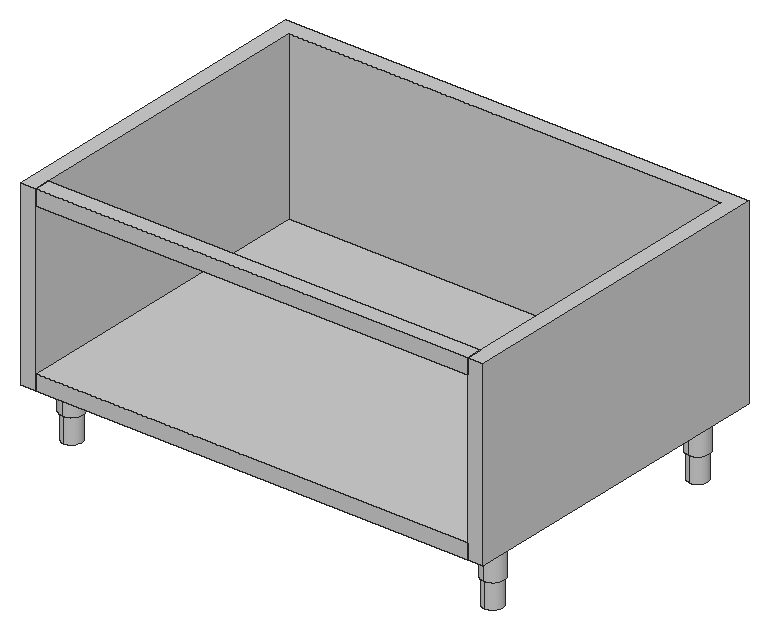
Revit family "QF_GIORIK_BV960G", category Specialty Equipment, Revit 2014
Parameters (values of type "BV960G")
  Show Logo [instance] = yes
  Show Clearance [instance] = yes
  Assembly Code = "E1090320"
Reference planes
  plane 1 "Back": y = 0
  plane 2: z = 0
  plane 3 "Left": x = 0
  plane 4 "Right": x = 1200
  plane 5 "Front": y = -920
  plane 6 "Top": z = 620
Forms (mm)
  Extrusion 1, solid
    sketch origin (-16, 1025.81, 0) x (1, 0, 0) y (0, 1, 0)
      loop
        line (25, -1086.81) -> (25, -1156.81) -> (115, -1156.81) -> (115, -1086.81) -> (25, -1086.81)
    from 148 to 150
  Extrusion 2, solid
    sketch origin (1216, 1025.81, 0) x (-1, 0, 0) y (0, -1, 0)
      loop
        line (25, 1086.81) -> (115, 1086.81) -> (115, 1156.81) -> (25, 1156.81) -> (25, 1086.81)
    from 148 to 150
  Extrusion 3, solid
    sketch origin (0, 0, 599.536) x (1, 0, 0) y (0, 1, 0)
      loop
        line (0, -860) -> (40, -860) -> (40, -40) -> (1160, -40) -> (1160, -860) -> (1200, -860) -> (1200, 0) -> (0, 0) -> (0, -860)
    from -449.536 to 20.464
  Extrusion 4, solid
    sketch origin (0, 0, 0) x (1, 0, 0) y (0, 1, 0)
      loop
        line (40, -40) -> (40, -860) -> (1160, -860) -> (1160, -40) -> (40, -40)
    from 150 to 190
  Extrusion 5, solid
    sketch origin (-16, 360.81, 0) x (1, 0, 0) y (0, 1, 0)
      loop
        line (25, -1086.81) -> (25, -1156.81) -> (115, -1156.81) -> (115, -1086.81) -> (25, -1086.81)
    from 148 to 150
  Revolve 6, solid
    sketch origin (54, 360.81, 0) x (0, 1, 0) y (0, 0, 1)
      loop
        line (-1092.56, 66) -> (-1092.56, 148) -> (-1121.81, 148) -> (-1121.81, 0) -> (-1096.81, 0) -> (-1096.81, 66) -> (-1092.56, 66)
      axis (-1121.81, 0) -> (-1121.81, 148)
    angle from 0 to 360
  Extrusion 7, solid
    sketch origin (1216, 360.81, 0) x (-1, 0, 0) y (0, -1, 0)
      loop
        line (25, 1086.81) -> (115, 1086.81) -> (115, 1156.81) -> (25, 1156.81) -> (25, 1086.81)
    from 148 to 150
  Revolve 8, solid
    sketch origin (1146, 360.81, 0) x (0, 1, 0) y (0, 0, 1)
      loop
        line (-1092.56, 66) -> (-1092.56, 148) -> (-1121.81, 148) -> (-1121.81, 0) -> (-1096.81, 0) -> (-1096.81, 66) -> (-1092.56, 66)
      axis (-1121.81, 0) -> (-1121.81, 148)
    angle from 0 to 360
  Revolve 9, solid
    sketch origin (1146, 1025.81, 0) x (0, 1, 0) y (0, 0, 1)
      loop
        line (-1092.56, 66) -> (-1092.56, 148) -> (-1121.81, 148) -> (-1121.81, 0) -> (-1096.81, 0) -> (-1096.81, 66) -> (-1092.56, 66)
      axis (-1121.81, 0) -> (-1121.81, 148)
    angle from 0 to 360
  Revolve 10, solid
    sketch origin (54, 1025.81, 0) x (0, 1, 0) y (0, 0, 1)
      loop
        line (-1092.56, 66) -> (-1092.56, 148) -> (-1121.81, 148) -> (-1121.81, 0) -> (-1096.81, 0) -> (-1096.81, 66) -> (-1092.56, 66)
      axis (-1121.81, 0) -> (-1121.81, 148)
    angle from 0 to 360
  Extrusion 11, solid
    sketch origin (0, -160, 620) x (0, 1, 0) y (-1, 0, 0)
      loop
        line (-700, -40) -> (-700, -1160) -> (-660, -1160) -> (-660, -40) -> (-700, -40)
    from -40 to 0
Lines and regions (mm)
  symbolic lines, style "200-EquipHidden-2D", visible <- "Show Clearance", detail levels coarse
    curve 1: line (0, -860, 0) -> (1200, -860, 0)
    curve 2: line (1200, -860, 0) -> (1200, 0, 0)
    curve 3: line (1200, 0, 0) -> (0, 0, 0)
    curve 4: line (0, 0, 0) -> (0, -860, 0)
Dimensions and locks
  plane 3 "Left" to plane 4 "Right" = 1200 mm
  plane 5 "Front" to plane 1 "Back" = 920 mm
  plane 4 "Right" to plane 3 "Left" = 1200 mm
  plane 1 "Back" to plane 5 "Front" = 920 mm
  plane 6 "Top" to level = 620 mm  (x2)
  aligned and locked: level to plane 2
